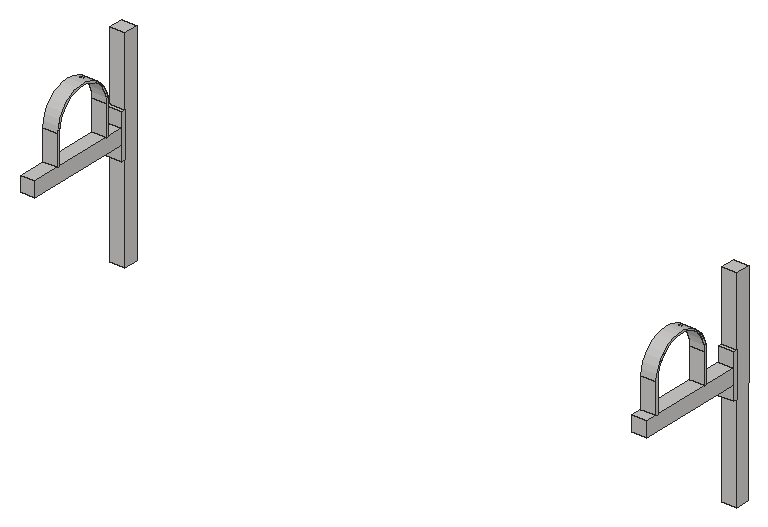
Revit family "Manifold Bracket Assy-JCI_Sapphire_Plus-(70 bar)Novec1", category Specialty Equipment, Revit 2017
Family settings
  Round Connector Dimension = Use Diameter
  Part Type = Normal
  OmniClass Number = 23.29.33.13.11
  Work Plane-Based = Yes
  Always vertical = No
  Cut with Voids When Loaded = No
  Shared = No
  Room Calculation Point = No
Parameters (values of type "150mm (6 in) Double Profile 2")
  Width = 47.60 mm
  Weight = 0.00 lbf  # constant formula
  Use Annotation Scale [instance] = 0
  URL = "http://www.sapphireplus.com"
  Unistrut Channel Length = 500.00 mm
  Type Comments = ""
  Product Page URL = "http://www.sapphireplus.com"
  Product Material = "JCI - Iron - Gray; JCI - Plastic - Red - Matte"  # constant formula
  Product Documentation Link = "http://www.sapphireplus.com"
  Part Number = Model  # "311700001"
  Part Description = Description  # "150mm (6 in) Double Profile "
  Pipe Clamp Radius = 75.00 mm
  Pipe Clamp Location [instance] = 180.00 mm
  Operating Temperature = 122 °F  # constant formula
  Model Disclaimer = " For More Information Contact JOHNSON CONTROLS"  # constant formula
  Model = if(Pipe Clamp Radius = 32.50 mm, "311.205.015", if(Pipe Clamp Radius = 40.00 mm, "311.205.010", if(Pipe Clamp Radius = 50.00 mm, "311.205.011", "311700001")))  # "311700001"
  Material = JCI - Metal - Brass - Satin
  Manufacturer = "Johnson Controls, Inc."  # constant formula
  Length = 47.60 mm
  Height = 50.00 mm
  Fire Suppression Agent = "''3M Novec'' 1230 Fire Protection Fluid"  # constant formula
  Family Version = "1.0"  # constant formula
  Equipment Number = "XXX"  # constant formula
  Equipment Abbreviation = "MBR"  # constant formula
  Description = if(Pipe Clamp Radius = 32.50 mm, "65mm(2.5in) Manifold Bracket Assembly", if(Pipe Clamp Radius = 40.00 mm, "80mm(3in) Manifold Bracket Assembly", if(Pipe Clamp Radius = 50.00 mm, "100mm(5in) Manifold Bracket Assembly", "150mm (6 in) Double Profile ")))  # "150mm (6 in) Double Profile "
  Default Elevation = 0.00 mm
  Date Modified = "YYYY/MM/DD"  # constant formula
  Date Created = "2018/10/10"  # constant formula
  Copyright © = "Copyright © 2001-2018 Johnson Controls Inc."  # constant formula
  Cantilever Bracket Profile Height = 80.00 mm
  Cantilever Bracket Length ref = 460.00 mm
  Cantilever Bracket Length = 300.00 mm
  Cantilever Bracket Height [instance] = 300.00 mm
  Bracket Assembly Clearance [instance] = 1640.00 mm
  Assembly Code = ""
Reference planes
  plane 1 "Center (Front/Back)": y = 0
  plane 2: z = 0
  plane 3 "Center (Left/Right)": x = 0
  plane 4 "Bracket Assembly Clearance": x = 1640
Dimensions and locks
  "Bracket Assembly Clearance": plane 3 "Center (Left/Right)" to plane 4 "Bracket Assembly Clearance"
  aligned and locked: level to plane 2
  aligned and locked: plane 1 "Center (Front/Back)" to nested 1
  aligned and locked: plane 3 "Center (Left/Right)" to nested 1
  aligned and locked: plane 4 "Bracket Assembly Clearance" to nested 2
  aligned and locked: plane 1 "Center (Front/Back)" to nested 2
Nested families
  nested 1: "Manifold Bracket-JCI_Sapphire_Plus-(70 bar)Novec1230" at (0, 0, 0), Pipe Clamp Location <- "Pipe Clamp Location", Cantilever Bracket Height <- "Cantilever Bracket Height", type "Manifold Bracket-JCI_Sapphire_Plus-(70 bar)Novec1230"
    with Use Annotation Scale 0, Unistrut Channel Length 564.105 mm, Pipe Clamp Radius 80.00 mm, Pipe Clamp Location 180.00 mm, Cantilever Bracket Profile Height 40.00 mm, Cantilever Bracket Length 300.00 mm, Cantilever Bracket Height 300.00 mm
  nested 2: "Manifold Bracket-JCI_Sapphire_Plus-(70 bar)Novec1230" at (1640, 0, 0), type "Manifold Bracket-JCI_Sapphire_Plus-(70 bar)Novec1230"
    with Use Annotation Scale 0
Definition of nested family "Manifold Bracket-JCI_Sapphire_Plus-(70 bar)Novec1230"
  Parameters (values of type "Manifold Bracket-JCI_Sapphire_Plus-(70 bar)Novec1230")
    Width = 47.60 mm
    Use Annotation Scale [instance] = 0
    URL = "http://www.sapphireplus.com"
    Unistrut Channel Length [instance] = 564.105 mm
    Product Page URL = "http://www.sapphireplus.com"
    Product Material = "JCI - Iron - Gray; JCI - Plastic - Red - Matte"  # constant formula
    Product Documentation Link = "http://www.sapphireplus.com"
    Pipe Clamp Radius [instance] = 80.00 mm
    Pipe Clamp Location [instance] = 224.787 mm
    Part Number = ""
    Part Description = Description  # "Manifold Bracket Assembly"
    Operating Temperature = 122 °F
    Model Disclaimer = " For More Information Contact JOHNSON CONTROLS"  # constant formula
    Material = none
    Manufacturer = "Johnson Controls, Inc."  # constant formula
    Length = 47.60 mm
    Height = 41.00 mm
    Fire Suppression Agent = "''3M Novec'' 1230 Fire Protection Fluid"  # constant formula
    Family Version = "1.0"  # constant formula
    Equipment Abbreviation = "--"  # constant formula
    Description = "Manifold Bracket Assembly"  # constant formula
    Default Elevation = 0.00 mm
    Date Modified = "YYYY/MM/DD"  # constant formula
    Date Created = "2018/10/10"  # constant formula
    Copyright © = "Copyright © 2001-2018 Johnson Controls Inc."  # constant formula
    Cantilever Bracket Profile Height [instance] = 40.00 mm
    Cantilever Bracket Length [instance] = 300.00 mm
    Cantilever Bracket Height [instance] = 300.00 mm
  Reference planes
    plane 1 "Center (Front/Back)": y = 0
    plane 2: z = 0
    plane 3 "Center (Left/Right)": x = 0
    plane 4 "Unistrut Channel Width": y = -40
    plane 5 "Unistrut Channel Length": z = 564.105
    plane 6 "Cantilever Bracket Profile Height  Top": z = 340
    plane 7 "Pipe Clamp Location": y = -224.787
    plane 8 "Pipe Clamp Radius": z = 420
    plane 9 "Cantilever Bracket Height": z = 300
    plane 10 "Cantilever Bracket Length": y = -340
    plane 11 "Cantilever Arm Length": y = -50
    plane 12 "Cantilever Bracket Profile Height  Middle": z = 320
    plane 13 "Cantilever Arm Height Top": z = 380
    plane 14 "Cantilever Arm Height Bottom": z = 260
    plane 15 "Pipe Clamp Radius Side Ref": y = -304.787
    plane 16 "Pipe Clamp Radius Side": y = -308.787
    plane 17 "Overall Bracket Width": x = -20
    plane 18 "Overall Bracket Width Offset": x = 20
  Forms (mm)
    Extrusion 1, solid
      sketch origin (0, 0, 0) x (0, 1, 0) y (0, 0, 1)
        loop
          line (0, 564.105) -> (-40, 564.105) -> (-40, 0) -> (0, 0) -> (0, 564.105)
      from -20 to 20
    Extrusion 2, solid
      sketch origin (0, 0, 0) x (0, 1, 0) y (0, 0, 1)
        loop
          line (-40, 380) -> (-50, 380) -> (-50, 260) -> (-40, 260) -> (-40, 380)
      from -20 to 20
    Extrusion 3, solid
      sketch origin (0, 0, 0) x (0, 1, 0) y (0, 0, 1)
        loop
          line (-50, 340) -> (-340, 340) -> (-340, 300) -> (-50, 300) -> (-50, 340)
      from -20 to 20
    Extrusion 4, solid
      sketch origin (0, 0, 0) x (0, 1, 0) y (0, 0, 1)
        loop
          line (-304.787, 340) -> (-304.787, 420)
          arc (-304.787, 420) -> (-224.787, 500) -> (-144.787, 420) r 80
          line (-144.787, 420) -> (-144.787, 340) -> (-140.787, 340) -> (-140.787, 420)
          arc (-140.787, 420) -> (-224.787, 504) -> (-308.787, 420) r 84
          line (-308.787, 420) -> (-308.787, 340) -> (-304.787, 340)
      from -20 to 20
  Dimensions and locks
    locked: plane 1 "Center (Front/Back)" to plane 4 "Unistrut Channel Width" at 40
    "Cantilever Bracket Profile Height": plane 6 "Cantilever Bracket Profile Height  Top" to plane 9 "Cantilever Bracket Height"
    "Pipe Clamp Radius": plane 8 "Pipe Clamp Radius" to plane 6 "Cantilever Bracket Profile Height  Top"
    "Pipe Clamp Location": plane 1 "Center (Front/Back)" to plane 7 "Pipe Clamp Location"
    "Cantilever Bracket Length": plane 4 "Unistrut Channel Width" to plane 10 "Cantilever Bracket Length"
    "Cantilever Bracket Height": plane 9 "Cantilever Bracket Height" to level
    locked: plane 4 "Unistrut Channel Width" to plane 11 "Cantilever Arm Length" at 10
    equal spacing: plane 6 "Cantilever Bracket Profile Height  Top", plane 12 "Cantilever Bracket Profile Height  Middle", plane 9 "Cantilever Bracket Height"
    locked: plane 13 "Cantilever Arm Height Top" to plane 6 "Cantilever Bracket Profile Height  Top" at 40
    locked: plane 14 "Cantilever Arm Height Bottom" to plane 9 "Cantilever Bracket Height" at 40
    "Unistrut Channel Length": plane 5 "Unistrut Channel Length" to plane 2
    "Pipe Clamp Radius": plane 7 "Pipe Clamp Location" to plane 15 "Pipe Clamp Radius Side Ref"
    locked: plane 15 "Pipe Clamp Radius Side Ref" to plane 16 "Pipe Clamp Radius Side" at 4
    equal spacing: plane 17 "Overall Bracket Width", plane 3 "Center (Left/Right)", plane 18 "Overall Bracket Width Offset"
    locked: plane 17 "Overall Bracket Width" to plane 18 "Overall Bracket Width Offset" at 40
    "Pipe Clamp Radius": radius of Extrusion 4 sketch curve
    aligned and locked: level to plane 2
    aligned and locked: plane 5 "Unistrut Channel Length" to Extrusion 1 sketch curve
    aligned and locked: Extrusion 1 sketch curve to plane 1 "Center (Front/Back)"
    aligned and locked: Extrusion 1 sketch curve to level
    aligned and locked: Extrusion 1 sketch curve to plane 4 "Unistrut Channel Width"
    aligned and locked: Extrusion 1 to plane 17 "Overall Bracket Width"
    aligned and locked: Extrusion 1 to plane 18 "Overall Bracket Width Offset"
    aligned and locked: plane 13 "Cantilever Arm Height Top" to Extrusion 2 sketch curve
    aligned and locked: plane 4 "Unistrut Channel Width" to Extrusion 2 sketch curve
    aligned and locked: plane 14 "Cantilever Arm Height Bottom" to Extrusion 2 sketch curve
    aligned and locked: plane 11 "Cantilever Arm Length" to Extrusion 2 sketch curve
    aligned and locked: Extrusion 1 to Extrusion 2
    aligned and locked: Extrusion 2 to Extrusion 1
    aligned and locked: plane 6 "Cantilever Bracket Profile Height  Top" to Extrusion 3 sketch curve
    aligned and locked: Extrusion 3 sketch curve to plane 11 "Cantilever Arm Length"
    aligned and locked: Extrusion 3 sketch curve to plane 9 "Cantilever Bracket Height"
    aligned and locked: plane 10 "Cantilever Bracket Length" to Extrusion 3 sketch curve
    aligned and locked: Extrusion 1 to Extrusion 3
    aligned and locked: Extrusion 3 to Extrusion 1
    aligned and locked: Extrusion 4 sketch curve to plane 6 "Cantilever Bracket Profile Height  Top"  (x2)
    aligned and locked: plane 7 "Pipe Clamp Location" to Extrusion 4 sketch curve
    aligned and locked: plane 8 "Pipe Clamp Radius" to Extrusion 4 sketch curve
    aligned and locked: plane 16 "Pipe Clamp Radius Side" to Extrusion 4 sketch curve
    aligned and locked: plane 15 "Pipe Clamp Radius Side Ref" to Extrusion 4 sketch curve
    aligned and locked: Extrusion 4 to plane 17 "Overall Bracket Width"
    aligned and locked: Extrusion 4 to plane 18 "Overall Bracket Width Offset"
  Automatic sketch dimensions
    Extrusion 4 sketch curve to Extrusion 4 sketch curve = 0.00 mm  (x2)
